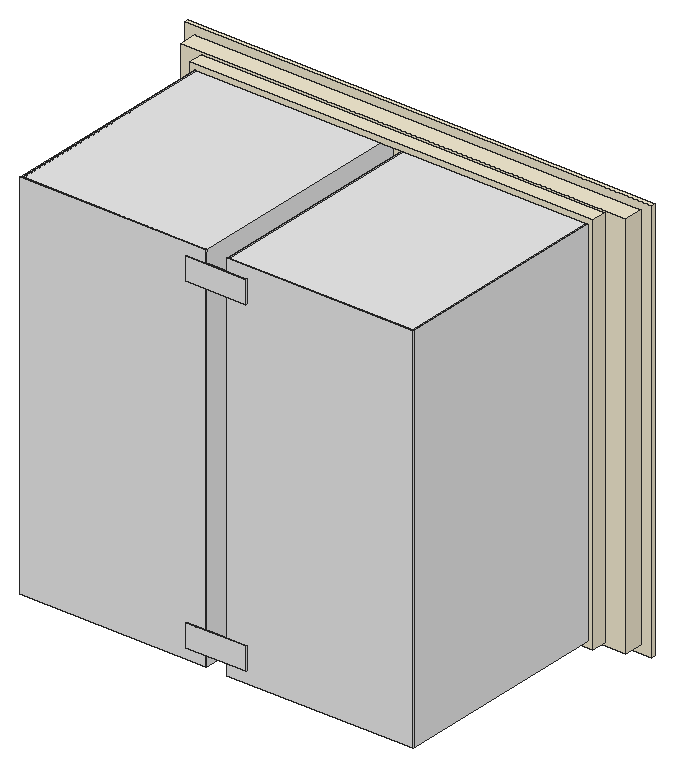
Revit family "4C-7_Door_High_Units_FL.rfa", category Specialty Equipment, host Wall, Revit 2016 (continued)
Definition of nested family "3700 Series 4C OM2 Configuration"
  Automatic sketch dimensions
    Extrusion 1 sketch curve to plane 13 "Face of Lock" = 0.12063"
    Extrusion 5 sketch curve to plane 11 "Center Lock Vertical" = 0.0293"
    plane 11 "Center Lock Vertical" to Extrusion 5 sketch curve = 0.0293"
    Extrusion 5 sketch curve to plane 9 = 0.30959"
    plane 9 to Extrusion 5 sketch curve = 0.30959"
    plane 16 "Left Stud Align" to Blend 6 sketch curve = 0.000"  (x2)
    Blend 6 sketch curve to plane 18 "Top Stud Align" = 0.000"  (x2)
    plane 17 "Right Stud Align" to Blend 7 sketch curve = 0.000"  (x2)
    Blend 7 sketch curve to plane 18 "Top Stud Align" = 0.000"  (x2)
    plane 16 "Left Stud Align" to Blend 8 sketch curve = 0.000"  (x2)
    Blend 8 sketch curve to plane 19 "Bottom Stud Align" = 0.000"  (x2)
    plane 17 "Right Stud Align" to Blend 9 sketch curve = 0.000"  (x2)
    Blend 9 sketch curve to plane 19 "Bottom Stud Align" = 0.000"  (x2)
    Blend 10 sketch curve to plane 18 "Top Stud Align" = 0.000"  (x2)
    plane 20 "Hinge Stud Align" to Blend 10 sketch curve = 0.000"  (x2)
    Blend 11 sketch curve to plane 19 "Bottom Stud Align" = 0.000"  (x2)
    plane 20 "Hinge Stud Align" to Blend 11 sketch curve = 0.000"  (x2)
    plane 24 to Extrusion 12 sketch curve = 0.000"
    Extrusion 12 sketch curve to plane 22 "Mail Plate Bottom" = 0.000"
    Extrusion 12 sketch curve to plane 21 "Mail Plate Top" = 0.000"
    plane 23 to Extrusion 12 sketch curve = 0.000"
    plane 24 to Extrusion 12 sketch curve = 0.19922"  (x2)
    plane 18 "Top Stud Align" to Extrusion 12 sketch curve = 0.14478"
    Extrusion 12 sketch curve to plane 23 = 0.19922"
    Extrusion 13 sketch curve to plane 5 "Right Side Face of Door" = 0.000"
    Extrusion 13 sketch curve to plane 4 "Left Side Face of Door" = 0.000"
    Extrusion 13 sketch curve to plane 6 "Back Face of Door" = 0.000"
    Extrusion 13 sketch curve to plane 7 "Front Face of Door" = 0.193"
    Extrusion 14 sketch curve to plane 30 "Bottom of Mail Slot" = 0.000"
    plane 32 "Right Edge of Mail Slot" to Extrusion 14 sketch curve = 0.375"
    Extrusion 14 sketch curve to plane 31 "Left Edge of Mail Slot" = 0.375"
    Extrusion 15 sketch curve to plane 35 = 0.000"
    Extrusion 15 sketch curve to plane 33 "Mail Slot Bottom Protusion" = 0.000"
    Extrusion 15 sketch curve to plane 34 = 0.000"
    Extrusion 15 sketch curve to plane 27 "Top of Mail Drop Divider" = 0.000"
    Extrusion 15 sketch curve to plane 6 "Back Face of Door" = 0.000"
    plane 26 "Top of Mail Drop Door" to Extrusion 15 sketch curve = 0.07158"
    Extrusion 15 sketch curve to plane 34 = 0.24578"
    plane 26 "Top of Mail Drop Door" to Extrusion 15 sketch curve = 0.09984"
    Extrusion 15 sketch curve to Extrusion 15 sketch curve = 0.01632"
    plane 37 to Extrusion 15 sketch curve = 0.05062"
    Extrusion 15 sketch curve to plane 33 "Mail Slot Bottom Protusion" = 0.01599"
    plane 33 "Mail Slot Bottom Protusion" to Extrusion 15 sketch curve = 0.01227"
    plane 36 "Front of Awning" to Extrusion 15 sketch curve = 0.17915"
    plane 35 to Extrusion 15 sketch curve = 0.02246"
    Extrusion 15 sketch curve to Extrusion 15 sketch curve = 0.0724"
    plane 36 "Front of Awning" to Extrusion 15 sketch curve = 0.04696"
    plane 36 "Front of Awning" to Extrusion 15 sketch curve = 0.02469"
    plane 36 "Front of Awning" to Extrusion 15 sketch curve = 0.00781"
    Extrusion 15 sketch curve to Extrusion 15 sketch curve = 0.05983"
    Extrusion 4 sketch curve to plane 9 = 0.000"
    plane 11 "Center Lock Vertical" to Extrusion 4 sketch curve = 0.000"
    Extrusion 3 sketch curve to plane 9 = 0.000"
    plane 11 "Center Lock Vertical" to Extrusion 3 sketch curve = 0.000"
    radius of Blend 6 sketch curve = 0.15665"
    radius of Blend 6 sketch curve = 0.3125"
    radius of Blend 7 sketch curve = 0.15665"
    radius of Blend 7 sketch curve = 0.3125"
    radius of Blend 8 sketch curve = 0.15665"
    radius of Blend 8 sketch curve = 0.3125"
    radius of Blend 9 sketch curve = 0.15665"
    radius of Blend 9 sketch curve = 0.3125"
    radius of Blend 10 sketch curve = 0.15665"
    radius of Blend 10 sketch curve = 0.3125"
    radius of Blend 11 sketch curve = 0.15665"
    radius of Blend 11 sketch curve = 0.3125"
    radius of Extrusion 4 sketch curve = 0.42913"
    radius of Extrusion 3 sketch curve = 0.4375"
Definition of nested family "4C Latch Lock-Right"
  Parameters (values of type "Lock Latch")
    Width = 1.750"
    Type Comments = "Lock Latch for Aluminum Mailboxes"
    Visible Latch = yes
    Manufacturer = "Salsbury Industries"
    Height = 1.375"
    Depth = 0.244"
    Back Enclosure Material = none
  Reference planes (in)
    plane 1 "Center (Front/Back)": y = 0
    plane 2 "left": z = 0
    plane 3 "Center (Left/Right)": x = 0
    plane 4 "top": x = -0.875
    plane 5 "bottom": x = 0.875
    plane 6 "Front": y = 0.122
    plane 7 "Back": y = -0.122
    plane 8 "Vertical Center": z = 0.6875
    plane 9 "right": z = 1.375
    plane 10: x = -1
    plane 11: x = -1.125
  Forms (in)
    Extrusion 1, solid, material <- "Back Enclosure Material", visible <- "Visible Latch"
      sketch origin (-0.67187, 0, 0.67188) x (0, 0, -1) y (0, 1, 0)
        loop
          line (-0.22131, -0.0902) -> (-0.70312, -0.0902) -> (-0.70312, -0.12209) -> (-0.22129, -0.12209)
          arc (-0.22129, -0.12209) -> (-0.1389, -0.08579) -> (-0.11009, -0.00048) r 0.11165
          arc (-0.11009, -0.00048) -> (-0.01599, 0.09362) -> (0.07812, -0.00048) r 0.09411
          arc (0.07812, -0.00048) -> (0.10866, -0.08591) -> (0.19189, -0.122) r 0.11401
          line (0.19189, -0.122) -> (0.67187, -0.122) -> (0.67187, -0.08954) -> (0.19205, -0.08954)
          arc (0.19205, -0.08954) -> (0.13091, -0.06294) -> (0.10869, -0.00006) r 0.08357
          arc (0.10869, -0.00006) -> (-0.01625, 0.12487) -> (-0.14118, -0.00006) r 0.12494
          arc (-0.14118, -0.00006) -> (-0.16101, -0.06312) -> (-0.22131, -0.0902) r 0.08069
      from -0.20313 to 1.54687
    Extrusion 2, void
      sketch origin (-0.86719, 0.122, 0.78906) x (0, 0, -1) y (1, 0, 0)
        loop
          line (0.02064, 1.43976) -> (0.02064, 0.31562) -> (0.29045, 0.31562) -> (0.29045, 0.47278) -> (0.12796, 0.47278) -> (0.12796, 1.28526) -> (0.27447, 1.28526) -> (0.27447, 1.43976) -> (0.02064, 1.43976)
      from -0.01091 to 0.1442
    Blend 3, solid, material <- "Back Enclosure Material", visible <- "Visible Latch"
      base sketch origin (-0.95312, 0.122, 0.96875) x (0, 0, -1) y (1, 0, 0)
        loop
          circle (-0.1252, 1.55349) r 0.1
      top sketch origin (-0.95312, 0.122, 0.96875) x (0, 0, -1) y (1, 0, 0)
        loop
          circle (-0.1252, 1.55349) r 0.215
      from 0.16742 to 0.21154
    Blend 4, solid, material <- "Back Enclosure Material", visible <- "Visible Latch"
      base sketch origin (-0.95312, 0.122, -0.54015) x (0, 0, -1) y (1, 0, 0)
        loop
          circle (-0.8037, 1.55349) r 0.1
      top sketch origin (-0.95312, 0.122, -0.54015) x (0, 0, -1) y (1, 0, 0)
        loop
          circle (-0.8037, 1.55349) r 0.215
      from 0.16742 to 0.21154
    Blend 5, solid, material <- "Back Enclosure Material", visible <- "Visible Latch"
      base sketch origin (-1.95312, 0.122, 0.96875) x (0, 0, -1) y (1, 0, 0)
        loop
          circle (-0.1252, 1.36599) r 0.1
      top sketch origin (-1.95312, 0.122, 0.96875) x (0, 0, -1) y (1, 0, 0)
        loop
          circle (-0.1252, 1.36599) r 0.215
      from 0.16742 to 0.21154
    Blend 6, solid, material <- "Back Enclosure Material", visible <- "Visible Latch"
      base sketch origin (-1.95312, 0.122, -0.55578) x (0, 0, -1) y (1, 0, 0)
        loop
          circle (-0.8037, 1.36599) r 0.1
      top sketch origin (-1.95312, 0.122, -0.55578) x (0, 0, -1) y (1, 0, 0)
        loop
          circle (-0.8037, 1.36599) r 0.215
      from 0.16742 to 0.21154
    Extrusion 7, solid, material <- "Back Enclosure Material", visible <- "Visible Latch"
      sketch origin (-1.22585, -7.77812, 0.87452) x (0, 0, -1) y (0, 1, 0)
        loop
          circle (0.18702, 7.77784) r 0.09014
      from 0.10085 to 2.10085
    Extrusion 8, solid, material <- "Back Enclosure Material", visible <- "Visible Latch"
      sketch origin (-0.59584, -7.78798, 0.67188) x (1, 0, 0) y (0, 1, 0)
        loop
          circle (0.12087, 7.81979) r 0.05
      from 0.01562 to -0.5
    Extrusion 9, solid, material <- "Back Enclosure Material", visible <- "Visible Latch"
      sketch origin (-1.09375, -0.02845, 1.02999) x (0, 0, -1) y (1, 0, 0)
        loop
          line (0.68574, 0.09375) -> (0.68574, 0.12475) -> (-0.00176, 0.12475) -> (-0.00176, 0.09375) -> (0.68574, 0.09375)
      from -0.25 to 0.09355
    Extrusion 10, void
      sketch origin (-0.969, -7.77845, 0.87437) x (0, 0, -1) y (0, -1, 0)
        loop
          circle (0.18637, -7.77776) r 0.09325
      from 0 to 0.031
  Cuts and joins
    Extrusion 2 cuts Extrusion 1
    Extrusion 10 cuts Extrusion 9
  Dimensions and locks (in)
    equal spacing: plane 7 "Back", plane 1 "Center (Front/Back)", plane 6 "Front"
    "Depth": plane 7 "Back" to plane 6 "Front"
    equal spacing: plane 4 "top", plane 3 "Center (Left/Right)", plane 5 "bottom"
    "Width": plane 4 "top" to plane 5 "bottom"
    equal spacing: plane 9 "right", plane 8 "Vertical Center", plane 2 "left"
    "Height": plane 9 "right" to plane 2 "left"
    plane 10 to plane 4 "top" = 0.125"
    plane 11 to plane 4 "top" = 0.250"
    plane 10 to plane 11 = 0.125"
    aligned and locked: level to plane 2 "left"
  Automatic sketch dimensions
    Extrusion 1 sketch curve to plane 7 "Back" = 0.000"
    Extrusion 1 sketch curve to plane 7 "Back" = 0.0318"
    plane 9 "right" to Extrusion 1 sketch curve = 0.000"
    Extrusion 1 sketch curve to plane 8 "Vertical Center" = 0.20569"
    plane 7 "Back" to Extrusion 1 sketch curve = 0.00009"
    Extrusion 1 sketch curve to plane 8 "Vertical Center" = 0.20567"
    plane 1 "Center (Front/Back)" to Extrusion 1 sketch curve = 0.00006"
    Extrusion 1 sketch curve to plane 8 "Vertical Center" = 0.00062"
    Extrusion 1 sketch curve to Extrusion 1 sketch curve = 0.00026"
    Extrusion 1 sketch curve to Extrusion 1 sketch curve = 0.20788"
    Extrusion 1 sketch curve to Extrusion 1 sketch curve = 0.00016"
    Extrusion 1 sketch curve to level = 0.000"
    Extrusion 1 sketch curve to plane 7 "Back" = 0.03246"
    plane 1 "Center (Front/Back)" to Extrusion 1 sketch curve = 0.01045"
    Extrusion 1 sketch curve to Extrusion 1 sketch curve = 0.00094"
    Extrusion 1 sketch curve to Extrusion 1 sketch curve = 0.00201"
    Extrusion 2 sketch curve to plane 8 "Vertical Center" = 0.08092"
    plane 5 "bottom" to Extrusion 2 sketch curve = 0.45693"
    plane 8 "Vertical Center" to Extrusion 2 sketch curve = 0.0264"
    Extrusion 2 sketch curve to Extrusion 2 sketch curve = 0.16249"
    Extrusion 2 sketch curve to Extrusion 2 sketch curve = 0.14651"
    Extrusion 2 sketch curve to plane 3 "Center (Left/Right)" = 0.3944"
    Extrusion 2 sketch curve to plane 4 "top" = 0.32343"
    plane 5 "bottom" to Extrusion 2 sketch curve = 0.30243"
    plane 5 "bottom" to Blend 3 sketch curve = 0.27463"  (x2)
    Blend 3 sketch curve to plane 8 "Vertical Center" = 0.40645"  (x2)
    plane 5 "bottom" to Blend 4 sketch curve = 0.27463"  (x2)
    level to Blend 4 sketch curve = 0.26355"  (x2)
    Blend 5 sketch curve to plane 8 "Vertical Center" = 0.40645"  (x2)
    Blend 5 sketch curve to plane 3 "Center (Left/Right)" = 0.58713"  (x2)
    level to Blend 6 sketch curve = 0.24792"  (x2)
    Blend 6 sketch curve to plane 3 "Center (Left/Right)" = 0.58713"  (x2)
    plane 1 "Center (Front/Back)" to Extrusion 7 sketch curve = 0.00028"
    plane 8 "Vertical Center" to Extrusion 7 sketch curve = 0.000"
    Extrusion 8 sketch curve to plane 1 "Center (Front/Back)" = 0.03181"
    Extrusion 8 sketch curve to plane 4 "top" = 0.40003"
    Extrusion 9 sketch curve to plane 8 "Vertical Center" = 0.34425"
    level to Extrusion 9 sketch curve = 0.34425"
    plane 4 "top" to Extrusion 9 sketch curve = 0.125"
    Extrusion 9 sketch curve to Extrusion 9 sketch curve = 0.031"
    plane 1 "Center (Front/Back)" to Extrusion 10 sketch curve = 0.0007"
    Extrusion 10 sketch curve to plane 8 "Vertical Center" = 0.0005"
    radius of Blend 3 sketch curve = 0.100"
    radius of Blend 3 sketch curve = 0.215"
    radius of Blend 4 sketch curve = 0.100"
    radius of Blend 4 sketch curve = 0.215"
    radius of Blend 5 sketch curve = 0.100"
    radius of Blend 5 sketch curve = 0.215"
    radius of Blend 6 sketch curve = 0.100"
    radius of Blend 6 sketch curve = 0.215"
    radius of Extrusion 7 sketch curve = 0.09014"
    radius of Extrusion 8 sketch curve = 0.050"
    radius of Extrusion 10 sketch curve = 0.09325"
Definition of nested family "4C Latch Lock-Left"
  Parameters (values of type "Lock Latch")
    Width = 1.750"
    Type Comments = "Lock Latch for Aluminum Mailboxes"
    Visible Latch = yes
    Manufacturer = "Salsbury Industries"
    Height = 1.375"
    Depth = 0.244"
    Back Enclosure Material = none
  Reference planes (in)
    plane 1 "Center (Front/Back)": y = 0
    plane 2 "left": z = 0
    plane 3 "Center (Left/Right)": x = 0
    plane 4 "top": x = -0.875
    plane 5 "bottom": x = 0.875
    plane 6 "Front": y = 0.122
    plane 7 "Back": y = -0.122
    plane 8 "Vertical Center": z = 0.6875
    plane 9 "right": z = 1.375
    plane 10: x = 1
    plane 11: x = 1.125
  Forms (in)
    Extrusion 1, solid, material <- "Back Enclosure Material", visible <- "Visible Latch"
      sketch origin (-0.67187, 0, 0.67188) x (0, 0, -1) y (0, 1, 0)
        loop
          line (-0.22131, -0.0902) -> (-0.70312, -0.0902) -> (-0.70312, -0.12209) -> (-0.22129, -0.12209)
          arc (-0.22129, -0.12209) -> (-0.1389, -0.08579) -> (-0.11009, -0.00048) r 0.11165
          arc (-0.11009, -0.00048) -> (-0.01599, 0.09362) -> (0.07812, -0.00048) r 0.09411
          arc (0.07812, -0.00048) -> (0.10866, -0.08591) -> (0.19189, -0.122) r 0.11401
          line (0.19189, -0.122) -> (0.67187, -0.122) -> (0.67187, -0.08954) -> (0.19205, -0.08954)
          arc (0.19205, -0.08954) -> (0.13091, -0.06294) -> (0.10869, -0.00006) r 0.08357
          arc (0.10869, -0.00006) -> (-0.01625, 0.12487) -> (-0.14118, -0.00006) r 0.12494
          arc (-0.14118, -0.00006) -> (-0.16101, -0.06312) -> (-0.22131, -0.0902) r 0.08069
      from -0.20313 to 1.54687
    Extrusion 2, void
      sketch origin (-0.86719, 0.122, 0.78906) x (0, 0, -1) y (1, 0, 0)
        loop
          line (0.02064, 1.43976) -> (0.02064, 0.31562) -> (0.29045, 0.31562) -> (0.29045, 0.47278) -> (0.12796, 0.47278) -> (0.12796, 1.28526) -> (0.27447, 1.28526) -> (0.27447, 1.43976) -> (0.02064, 1.43976)
      from -0.01091 to 0.1442
    Blend 3, solid, material <- "Back Enclosure Material", visible <- "Visible Latch"
      base sketch origin (-0.95312, 0.122, 0.96875) x (0, 0, -1) y (1, 0, 0)
        loop
          circle (-0.1252, 1.55349) r 0.1
      top sketch origin (-0.95312, 0.122, 0.96875) x (0, 0, -1) y (1, 0, 0)
        loop
          circle (-0.1252, 1.55349) r 0.215
      from 0.16742 to 0.21154
    Blend 4, solid, material <- "Back Enclosure Material", visible <- "Visible Latch"
      base sketch origin (-0.95312, 0.122, -0.54015) x (0, 0, -1) y (1, 0, 0)
        loop
          circle (-0.8037, 1.55349) r 0.1
      top sketch origin (-0.95312, 0.122, -0.54015) x (0, 0, -1) y (1, 0, 0)
        loop
          circle (-0.8037, 1.55349) r 0.215
      from 0.16742 to 0.21154
    Blend 5, solid, material <- "Back Enclosure Material", visible <- "Visible Latch"
      base sketch origin (-1.95312, 0.122, 0.96875) x (0, 0, -1) y (1, 0, 0)
        loop
          circle (-0.1252, 1.36599) r 0.1
      top sketch origin (-1.95312, 0.122, 0.96875) x (0, 0, -1) y (1, 0, 0)
        loop
          circle (-0.1252, 1.36599) r 0.215
      from 0.16742 to 0.21154
    Blend 6, solid, material <- "Back Enclosure Material", visible <- "Visible Latch"
      base sketch origin (-1.95312, 0.122, -0.55578) x (0, 0, -1) y (1, 0, 0)
        loop
          circle (-0.8037, 1.36599) r 0.1
      top sketch origin (-1.95312, 0.122, -0.55578) x (0, 0, -1) y (1, 0, 0)
        loop
          circle (-0.8037, 1.36599) r 0.215
      from 0.16742 to 0.21154
    Extrusion 7, solid, material <- "Back Enclosure Material", visible <- "Visible Latch"
      sketch origin (-1.22585, -7.77812, 0.87452) x (0, 0, -1) y (0, 1, 0)
        loop
          circle (0.18702, 7.77784) r 0.09014
      from 0.35085 to 2.35085
    Extrusion 8, solid, material <- "Back Enclosure Material", visible <- "Visible Latch"
      sketch origin (0.37291, -7.78798, 0.67188) x (1, 0, 0) y (0, 1, 0)
        loop
          circle (0.12087, 7.81979) r 0.05
      from 0.01562 to -0.5
    Extrusion 9, solid, material <- "Back Enclosure Material", visible <- "Visible Latch"
      sketch origin (0.87525, -0.02845, 1.02999) x (0, 0, -1) y (1, 0, 0)
        loop
          line (0.68574, 0.09375) -> (0.68574, 0.12475) -> (-0.00176, 0.12475) -> (-0.00176, 0.09375) -> (0.68574, 0.09375)
      from -0.25 to 0.09355
    Extrusion 10, void
      sketch origin (1, -7.77845, 0.87437) x (0, 0, -1) y (0, -1, 0)
        loop
          circle (0.18637, -7.77776) r 0.09325
      from 0 to 0.031
  Cuts and joins
    Extrusion 2 cuts Extrusion 1
    Extrusion 10 cuts Extrusion 9
  Dimensions and locks (in)
    equal spacing: plane 7 "Back", plane 1 "Center (Front/Back)", plane 6 "Front"
    "Depth": plane 7 "Back" to plane 6 "Front"
    equal spacing: plane 4 "top", plane 3 "Center (Left/Right)", plane 5 "bottom"
    "Width": plane 4 "top" to plane 5 "bottom"
    equal spacing: plane 9 "right", plane 8 "Vertical Center", plane 2 "left"
    "Height": plane 9 "right" to plane 2 "left"
    plane 4 "top" to plane 10 = 1.875"
    plane 5 "bottom" to plane 11 = 0.250"
    plane 11 to plane 10 = 0.125"
    aligned and locked: level to plane 2 "left"
  Automatic sketch dimensions
    Extrusion 1 sketch curve to plane 7 "Back" = 0.000"
    Extrusion 1 sketch curve to plane 7 "Back" = 0.0318"
    plane 9 "right" to Extrusion 1 sketch curve = 0.000"
    Extrusion 1 sketch curve to plane 8 "Vertical Center" = 0.20569"
    plane 7 "Back" to Extrusion 1 sketch curve = 0.00009"
    Extrusion 1 sketch curve to plane 8 "Vertical Center" = 0.20567"
    plane 1 "Center (Front/Back)" to Extrusion 1 sketch curve = 0.00006"
    Extrusion 1 sketch curve to plane 8 "Vertical Center" = 0.00062"
    Extrusion 1 sketch curve to Extrusion 1 sketch curve = 0.00026"
    Extrusion 1 sketch curve to Extrusion 1 sketch curve = 0.20788"
    Extrusion 1 sketch curve to Extrusion 1 sketch curve = 0.00016"
    Extrusion 1 sketch curve to level = 0.000"
    Extrusion 1 sketch curve to plane 7 "Back" = 0.03246"
    plane 1 "Center (Front/Back)" to Extrusion 1 sketch curve = 0.01045"
    Extrusion 1 sketch curve to Extrusion 1 sketch curve = 0.00094"
    Extrusion 1 sketch curve to Extrusion 1 sketch curve = 0.00201"
    Extrusion 2 sketch curve to plane 8 "Vertical Center" = 0.08092"
    plane 5 "bottom" to Extrusion 2 sketch curve = 0.45693"
    plane 8 "Vertical Center" to Extrusion 2 sketch curve = 0.0264"
    Extrusion 2 sketch curve to Extrusion 2 sketch curve = 0.16249"
    Extrusion 2 sketch curve to Extrusion 2 sketch curve = 0.14651"
    Extrusion 2 sketch curve to plane 3 "Center (Left/Right)" = 0.3944"
    Extrusion 2 sketch curve to plane 4 "top" = 0.32343"
    plane 5 "bottom" to Extrusion 2 sketch curve = 0.30243"
    plane 5 "bottom" to Blend 3 sketch curve = 0.27463"  (x2)
    Blend 3 sketch curve to plane 8 "Vertical Center" = 0.40645"  (x2)
    plane 5 "bottom" to Blend 4 sketch curve = 0.27463"  (x2)
    level to Blend 4 sketch curve = 0.26355"  (x2)
    Blend 5 sketch curve to plane 8 "Vertical Center" = 0.40645"  (x2)
    Blend 5 sketch curve to plane 3 "Center (Left/Right)" = 0.58713"  (x2)
    level to Blend 6 sketch curve = 0.24792"  (x2)
    Blend 6 sketch curve to plane 3 "Center (Left/Right)" = 0.58713"  (x2)
    plane 1 "Center (Front/Back)" to Extrusion 7 sketch curve = 0.00028"
    plane 8 "Vertical Center" to Extrusion 7 sketch curve = 0.000"
    Extrusion 8 sketch curve to plane 1 "Center (Front/Back)" = 0.03181"
    Extrusion 8 sketch curve to plane 4 "top" = 1.36878"
    Extrusion 9 sketch curve to plane 8 "Vertical Center" = 0.34425"
    level to Extrusion 9 sketch curve = 0.34425"
    Extrusion 9 sketch curve to plane 4 "top" = 1.844"
    Extrusion 9 sketch curve to Extrusion 9 sketch curve = 0.031"
    plane 1 "Center (Front/Back)" to Extrusion 10 sketch curve = 0.0007"
    Extrusion 10 sketch curve to plane 8 "Vertical Center" = 0.0005"
    radius of Blend 3 sketch curve = 0.100"
    radius of Blend 3 sketch curve = 0.215"
    radius of Blend 4 sketch curve = 0.100"
    radius of Blend 4 sketch curve = 0.215"
    radius of Blend 5 sketch curve = 0.100"
    radius of Blend 5 sketch curve = 0.215"
    radius of Blend 6 sketch curve = 0.100"
    radius of Blend 6 sketch curve = 0.215"
    radius of Extrusion 7 sketch curve = 0.09014"
    radius of Extrusion 8 sketch curve = 0.050"
    radius of Extrusion 10 sketch curve = 0.09325"
Types (7): name | Width | Vertical Center Divider | Type Comments | Top Back Plate | Right Inside Wall | Model | Left Inside Wall | Latch Alignment | Door Slot R7 Number | Door Slot R7 | Door Slot R6 Number | Door Slot R6 | Door Slot R5 Number | Door Slot R5 | Door Slot R4 | Door Slot R2 Number | Door Slot R2 | Door Slot R1 Number | Door Slot R1 | Door Slot L7 Number | Door Slot L7 | Door Slot L6 Number | Door Slot L6 | Door Slot L5 Number | Door Slot L5 | Door Slot L4 Number | Door Slot L4 | Door Slot L3 Number | Door Slot L3 | Door Slot L2 Number | Door Slot L2 | Door Slot L1 Number | Door Slot L1 | Description | Center Extrusion Offset | Bottom Back Plate | Above Finished Floor (AFF-Bottom of Unit) | Above Finished Floor (AFF-Bottom of Door)
  3707D-12 FL | 31.09766" | yes | "4C Standard Horizontal Mailbox - Front Loading" | yes | yes | "3707D-12 FL" | yes | 14.85742" | "12" | 3700 Series 4C Door Configurations : MB1 Door w/ Divider | "11" | 3700 Series 4C Door Configurations : MB1 Door w/ Divider | "10" | 3700 Series 4C Door Configurations : MB1 Door w/ Divider | 3700 Series 4C OM2 Configuration : OM2-FL | "9" | 3700 Series 4C Door Configurations : MB1 Door w/ Divider | "8" | 3700 Series 4C Door Configurations : MB1 Door | "7" | 3700 Series 4C Door Configurations : MB1 Door w/ Divider | "6" | 3700 Series 4C Door Configurations : MB1 Door w/ Divider | "5" | 3700 Series 4C Door Configurations : MB1 Door w/ Divider | "4" | 3700 Series 4C Door Configurations : MB1 Door w/ Divider | "3" | 3700 Series 4C Door Configurations : MB1 Door w/ Divider | "2" | 3700 Series 4C Door Configurations : MB1 Door w/ Divider | "1" | 3700 Series 4C Door Configurations : MB1 Door | "7 Door High Unit: 12 MB1, OM2" | 0.000" | yes | 26.683" | 28.000"
  3707S-05 FL | 16.34375" | no | "4C Standard Horizontal Mailbox - Front Loading" | no | no | "3707S-05 FL" | no | 13.876" | "5" | 3700 Series 4C Door Configurations : MB1 Door w/ Divider | "4" | 3700 Series 4C Door Configurations : MB1 Door w/ Divider | "3" | 3700 Series 4C Door Configurations : MB1 Door w/ Divider | 3700 Series 4C OM2 Configuration : OM2-FL | "2" | 3700 Series 4C Door Configurations : MB1 Door w/ Divider | "1" | 3700 Series 4C Door Configurations : MB1 Door | "0" | 3700 Series 4C Door Configurations : Empty | "0" | 3700 Series 4C Door Configurations : Empty | "0" | 3700 Series 4C Door Configurations : Empty | "0" | 3700 Series 4C Door Configurations : Empty | "0" | 3700 Series 4C Door Configurations : Empty | "0" | 3700 Series 4C Door Configurations : Empty | "0" | 3700 Series 4C Door Configurations : Empty | "7 Door High Unit: 5 MB1, OM2" | 48.000" | no | 26.683" | 28.000"
  3707S-1P FL | 16.34375" | no | "4C Standard Horizontal Mailbox - Front Loading" | no | no | "3707S-1P FL" | no | 13.876" | "1P" | 3700 Series 4C Parcel Configurations : PL5 w/ Divider | "0" | 3700 Series 4C Door Configurations : Empty | "0" | 3700 Series 4C Door Configurations : Empty | 3700 Series 4C Door Configurations : Empty | "0" | 3700 Series 4C OM2 Configuration : OM2-FL | "0" | 3700 Series 4C Door Configurations : Empty | "0" | 3700 Series 4C Door Configurations : Empty | "0" | 3700 Series 4C Door Configurations : Empty | "0" | 3700 Series 4C Door Configurations : Empty | "0" | 3700 Series 4C Door Configurations : Empty | "0" | 3700 Series 4C Door Configurations : Empty | "0" | 3700 Series 4C Door Configurations : Empty | "0" | 3700 Series 4C Door Configurations : Empty | "7 Door High Unit: 1 PL5, OM2" | 48.000" | no | 13.683" | 15.000"
  3707D-06 FL | 31.09766" | yes | "4C Standard Horizontal Mailbox - Front Loading" | yes | yes | "3707D-06 FL" | yes | 14.85742" | "6" | 3700 Series 4C Door Configurations : MB1 Door w/ Divider | "5" | 3700 Series 4C Door Configurations : MB1 Door w/ Divider | "4" | 3700 Series 4C Door Configurations : MB1 Door w/ Divider | 3700 Series 4C OM2 Configuration : OM2-FL | "3" | 3700 Series 4C Door Configurations : MB1 Door w/ Divider | "2" | 3700 Series 4C Door Configurations : MB1 Door | "1P" | 3700 Series 4C Parcel Configurations : PL6 w/ Divider | "0" | 3700 Series 4C Door Configurations : Empty | "0" | 3700 Series 4C Door Configurations : Empty | "0" | 3700 Series 4C Door Configurations : Empty | "0" | 3700 Series 4C Door Configurations : Empty | "0" | 3700 Series 4C Door Configurations : Empty | "1" | 3700 Series 4C Door Configurations : MB1 Door | "7 Door High Unit: 6 MB1, 1 PL6, OM2" | 0.000" | yes | 26.683" | 28.000"
  3707D-05 FL | 31.09766" | yes | "4C Standard Horizontal Mailbox - Front Loading" | yes | yes | "3707D-05 FL" | yes | 14.85742" | "5" | 3700 Series 4C Door Configurations : MB3 Door w/ Divider | "0" | 3700 Series 4C Door Configurations : Empty | "0" | 3700 Series 4C Door Configurations : Empty | 3700 Series 4C OM2 Configuration : OM2-FL | "4" | 3700 Series 4C Door Configurations : MB2 Door | "0" | 3700 Series 4C Door Configurations : Empty | "3" | 3700 Series 4C Door Configurations : MB3 Door w/ Divider | "0" | 3700 Series 4C Door Configurations : Empty | "0" | 3700 Series 4C Door Configurations : Empty | "2" | 3700 Series 4C Door Configurations : MB2 Door w/ Divider | "0" | 3700 Series 4C Door Configurations : Empty | "1" | 3700 Series 4C Door Configurations : MB2 Door | "0" | 3700 Series 4C Door Configurations : Empty | "7 Door High Unit: 3 MB2, 2 MB3, OM2" | 0.000" | yes | 26.683" | 28.000"
  3707D-03 FL | 31.09766" | yes | "4C Standard Horizontal Mailbox - Front Loading" | yes | yes | "3707D-03 FL" | yes | 14.85742" | "3" | 3700 Series 4C Door Configurations : MB3 Door w/ Divider | "0" | 3700 Series 4C Door Configurations : Empty | "0" | 3700 Series 4C Door Configurations : Empty | 3700 Series 4C OM2 Configuration : OM2-FL | "2" | 3700 Series 4C Door Configurations : MB2 Door | "0" | 3700 Series 4C Door Configurations : Empty | "1P" | 3700 Series 4C Parcel Configurations : PL5 w/ Divider | "0" | 3700 Series 4C Door Configurations : Empty | "0" | 3700 Series 4C Door Configurations : Empty | "0" | 3700 Series 4C Door Configurations : Empty | "0" | 3700 Series 4C Door Configurations : Empty | "1" | 3700 Series 4C Door Configurations : MB2 Door | "0" | 3700 Series 4C Door Configurations : Empty | "7 Door High Unit: 2 MB2, 1 MB3, 1 PL5, OM2" | 0.000" | yes | 26.683" | 28.000"
  3707S-1B FL | 16.34375" | no | "4C Horizontal Receptacle Bin - Front Loading" | no | no | "3707S-1B FL" | no | 13.876" | "0" | 4C-7 Door High Receptacle : 4C-7 Door High Receptacle | "0" | 3700 Series 4C Door Configurations : Empty | "0" | 3700 Series 4C Door Configurations : Empty | 3700 Series 4C Door Configurations : Empty | "0" | 3700 Series 4C Door Configurations : Empty | "0" | 3700 Series 4C Door Configurations : Empty | "0" | 3700 Series 4C Door Configurations : Empty | "0" | 3700 Series 4C Door Configurations : Empty | "0" | 3700 Series 4C Door Configurations : Empty | "0" | 3700 Series 4C Door Configurations : Empty | "0" | 3700 Series 4C Door Configurations : Empty | "0" | 3700 Series 4C Door Configurations : Empty | "0" | 3700 Series 4C Door Configurations : Empty | "7 Door High Unit - 1 Receptacle Bin" | 48.000" | no | 13.683" | 15.000"
